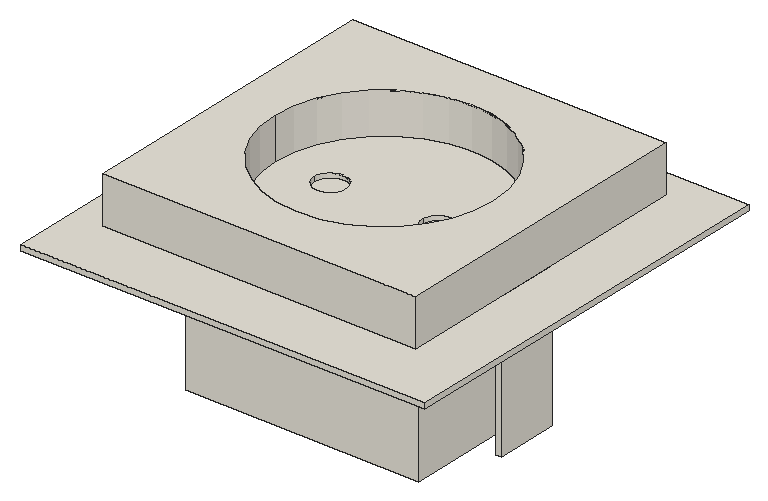
Revit family "Gira_2778600", category Electrical Fixtures, host Face, Revit 2017
Family settings
  Host = Face
  Maintain Annotation Orientation = Yes
  Round Connector Dimension = Use Diameter
  Part Type = Normal
  Cut with Voids When Loaded = No
  Shared = No
  Room Calculation Point = No
Parameters (values of type "Sock.BS 13 A switched + SH System 55 stainl.steel(lac.)")
  With signal lamp = "No"
  With orientation lighting = "No"
  With on/off switch = "Yes"
  With miniature fuse = "No"
  With loop through function = "No"
  With hinged lid = "No"
  With function lighting = "No"
  With child-protection = "Yes"
  With built-in USB power supply = "No"
  URL = "http://katalog.gira.de/en/datenblatt.html?artikelnr=2778600"
  Type of fastening = "Mounting with screw"
  Transparent = "No"
  Surface protection = "Other"
  Suitable for degree of protection (IP) = "IP20"
  Special power supply = "No special power supply"
  Rotated central insert = "No"
  Protective earth pin round = "No"
  Protective contact = "No"
  Over voltage protection = "No"
  Number of units = "1"
  Number of socket outlets switchable = "1"
  Number of modules (module system) = "1"
  Nominal voltage = "250"
  Nominal current = "13"
  Name = "Sock.BS 13 A switched + SH System 55 stainl.steel(lac.)"
  Mounting method = "Flush mounted (plaster)"
  Model = "British Standard"
  Material quality = "Other"
  Material = "Other"
  Manufacturer URL = "https://www.gira.de/"
  Manufacturer = "Gira"
  Lockable = "No"
  Label space/information surface = "No"
  Insulated mounting = "No"
  Imprint/indication = "Without imprint"
  HeinzeBIM = "https://bimportal.heinze.de/bim/sock-bs-13-a-switched-sh-system-55-stainl-steel-lac-/1181eac01ea05aaf54b92f203b5c34e7edf3a58d"
  Halogen free = "No"
  HAN = "2778600"
  GTIN = "4010337022091"
  Für "erschwerte Bedingungen" (nach VDE) (*de-DE) = "No"
  Fault current protection = "No"
  Eject-mechanism = "No"
  Description = "Sock.BS13A swt.SH Sys55 SSTl,Socket outlet British Standard (BS 1363-2) 13 A 250 V~ switched, with shutter,System 55, Support ring 71 x 71 mm,stainless steel (lacquered),Features:,- With screw terminals.,- For screw mounting only."
  Default Elevation = 1219.2 mm
  Data sheet (1) = "https://katalog.gira.de/en/download.html?artikelnr=2778600"
  Cremeweiß glänzend = Cremeweiß glänzend
  Connection type = "Screwed terminal"
  Colour = "Stainless steel"
  Category = "Socket outlet"
  BIM (1) = "https://media.stage.bim.site/public/gira/36a6b08/SYS55_Steckdose.rfa"
  Available = "No"
  Antibacterial treatment = "No"
Reference planes
  plane 1 "Center (Front/Back)": y = 0
  plane 2 "Reference Level 0": z = 0
  plane 3 "Center (Left/Right)": x = 0
  plane 4: x = 9.5
  plane 5: x = -9.5
  plane 6: x = 9.5
  plane 7: x = -9.5
  plane 8: x = 9.5
  plane 9: x = -9.5
  plane 10: x = 17.5
  plane 11 "Reference Level 1": z = 8.2
Forms (mm)
  Extrusion 1, solid, material "Cremeweiß glänzend" <- "Cremeweiß glänzend", detail levels coarse
    sketch origin (0, 0, 0) x (1, 0, 0) y (0, 1, 0)
      loop
        line (-35.5, 35.5) -> (-35.5, -35.5) -> (35.5, -35.5) -> (35.5, 35.5) -> (-35.5, 35.5)
    from -27.5 to 8.2
  Extrusion 2, solid, material "Cremeweiß glänzend" <- "Cremeweiß glänzend", detail levels medium+fine
    sketch origin (0, 0, 0) x (1, 0, 0) y (0, 1, 0)
      loop
        line (-35.5, 35.5) -> (-35.5, -35.5) -> (35.5, -35.5) -> (35.5, 35.5) -> (-35.5, 35.5)
    from -2.2 to -3.2
  Extrusion 3, solid, material "Cremeweiß glänzend" <- "Cremeweiß glänzend", detail levels medium+fine
    sketch origin (0, 0, 0) x (1, 0, 0) y (0, 1, 0)
      loop
        line (-27.5, 27.5) -> (-27.5, -27.5) -> (27.5, -27.5) -> (27.5, 27.5) -> (-27.5, 27.5)
      loop
        circle (0, 0) r 19.2
    from 0 to 8.2
  Extrusion 4, solid, material "Cremeweiß glänzend" <- "Cremeweiß glänzend", detail levels fine
    sketch origin (0, 0, 0) x (1, 0, 0) y (0, 1, 0)
      loop
        circle (0, 0) r 19.2
      loop
        circle (9.5, 0) r 2.8
      loop
        circle (-9.5, 0) r 2.8
    from 0 to 1
  Extrusion 5, solid, material "Cremeweiß glänzend" <- "Cremeweiß glänzend", detail levels fine
    sketch origin (0, 0, 0) x (1, 0, 0) y (0, 1, 0)
      loop
        circle (-9.5, 0) r 2.8
      loop
        circle (9.5, 0) r 2.8
    from -2.2 to 0.3
  Extrusion 6, solid, material "Cremeweiß glänzend" <- "Cremeweiß glänzend", detail levels medium
    sketch origin (0, 0, 0) x (1, 0, 0) y (0, 1, 0)
      loop
        circle (0, 0) r 19.2
      loop
        circle (9.5, 0) r 2.8
      loop
        circle (-9.5, 0) r 2.8
    from 7.2 to 8.2
  Extrusion 7, solid, material "Cremeweiß glänzend" <- "Cremeweiß glänzend", detail levels medium
    sketch origin (0, 0, 0) x (1, 0, 0) y (0, 1, 0)
      loop
        circle (-9.5, 0) r 2.8
      loop
        circle (9.5, 0) r 2.8
    from 7.2 to 8.2
  Extrusion 8, solid, material "Cremeweiß glänzend" <- "Cremeweiß glänzend", detail levels medium+fine
    sketch origin (0, 0, 0) x (1, 0, 0) y (0, 1, 0)
      loop
        line (-20.5, 9) -> (-20.5, -18) -> (20.5, -18) -> (20.5, 9) -> (17.5, 9) -> (3, 21) -> (3, 24) -> (-3, 24) -> (-3, 21) -> (-17.5, 9) -> (-20.5, 9)
    from 0 to -27.5
  Extrusion 9, solid, material "Cremeweiß glänzend" <- "Cremeweiß glänzend", detail levels medium+fine
    sketch origin (0, 0, 0) x (1, 0, 0) y (0, 1, 0)
      loop
        line (-25, 5.5) -> (-25, -5.5) -> (-24, -5.5) -> (-24, 5.5) -> (-25, 5.5)
    from 0 to -27.5
  Extrusion 10, solid, material "Cremeweiß glänzend" <- "Cremeweiß glänzend", detail levels medium+fine
    sketch origin (0, 0, 0) x (-1, 0, 0) y (0, -1, 0)
      loop
        line (-25, 5.5) -> (-25, -5.5) -> (-24, -5.5) -> (-24, 5.5) -> (-25, 5.5)
    from 0 to -27.5
Dimensions and locks
  aligned and locked: plane 2 "Reference Level 0" to host face
  aligned and locked: level to host face
  aligned and locked: plane 3 "Center (Left/Right)" to nested 1
  aligned and locked: plane 1 "Center (Front/Back)" to nested 1
Nested families
  nested 1: "Steckdose 1-fach Beschriftung" at (0, 0, 0), type "Steckdose 1-fach Beschriftung"
Connectors
  electrical at (0, 9, -27.5)
    settings: on Extrusion 8, index 1, voltage 220 V, apparent load 0 VA, apparent load phase1 0 VA, apparent load phase2 0 VA, apparent load phase3 0 VA, power factor 1, load classification "Other", number of poles 1, system type 31, power factor state 1, is connector primary yes, connector utility no, sub classification motor no, connector description ""
Definition of nested family "Steckdose 1-fach Beschriftung"
  Reference planes
    plane 1: y = 0
    plane 2: x = 0
  Lines and regions (mm)
    detail lines
      curve 1: line (0, 0, 0) -> (0, 2, 0)
      curve 3: line (0, 2, 0) -> (-1, 2, 0)
      curve 4: arc (1, 3, 0) -> (0, 2, 0) -> (-1, 3, 0) r 1
      curve 5: line (0, 2, 0) -> (1, 2, 0)
    reference lines
      curve 2: line (-0.485, 3, 0) -> (2.315, 3, 0)
  Dimensions and locks
    curve 1 to curve 1 = 2 mm
    plane 1 to curve 2 = 3 mm
    curve 3 to curve 3 = 1 mm
